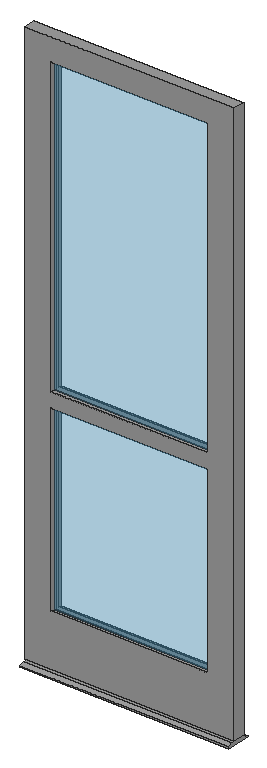
Revit family "RD-MS-DOOR-1-SF_v04", category Curtain Panels, Revit 2015
Parameters
  Width [instance] = 3' - 2"
  URL = "obe.com"
  Rough Width [instance] = 3' - 0"
  Offset [instance] = 0' - 1"
  Model = "RD-MS 1\" Infill"
  Min-Max Rough Width [instance] = if(and((Rough Width > 2' 11 255/256"), (Rough Width < 3' 6 1/256")), Rough Width, 3' 0")  # 3' - 0"
  Mid-Panel [instance] = no
  Manufacturer = "Oldcastle BuildingEnvelope®"
  Keynote = "08 11 00"
  Hinge [instance] = yes
  Height [instance] = 8' - 0"
  Pushbar Height [instance] = 3' - 5 1/4"  # constant formula
  Glass Material = Glass
  Frame Material = Aluminum
  Door Panel Height [instance] = Height + 0' 0 21/32"  # 8' - 0 21/32"
  Description = "Rugged Door-Medium Stile 1\" Infill"
  Assembly Code = "B2030"
  Analytic Construction = "<None>"
  8 Muntin [instance] = no
  4 Muntin [instance] = no
  8 Bottom Rail [instance] = yes
  10 Bottom Rail [instance] = no
  1 Muntin [instance] = if(or([4 Muntin], [8 Muntin], [Mid-Panel]), 1 = 2, 1 = 1)  # yes
Reference planes (in)
  plane 1 "Front": y = 0
  plane 2: z = 0
  plane 3 "Center (Left/Right)": x = 0
  plane 4 "Left": x = -19
  plane 5 "Right": x = 19
  plane 6 "Top": z = 96
  plane 7: x = 18
  plane 8: x = -18
Text (in)
  text "Exterior" at (-54.29358, 31.38743, 0), in view "Ref. Level"
  text "Exterior" at (480, 41.53993, 89.60405), in view "Right"
  text "Exterior" at (-240, 57.82419, 105.78864), in view "Left"
Dimensions and locks (in)
  equal spacing: plane 4 "Left", plane 3 "Center (Left/Right)", plane 5 "Right"
  "Width": plane 4 "Left" to plane 5 "Right"
  "Height": plane 6 "Top" to plane 2
  equal spacing: plane 8, plane 3 "Center (Left/Right)", plane 7
  "Min-Max Rough Width": plane 8 to plane 7
  aligned and locked: level to plane 2
  aligned and locked: plane 3 "Center (Left/Right)" to nested 1
  aligned and locked: plane 1 "Front" to nested 1
Nested families (in)
  nested 1: "RD-MS-DOOR-1-Panel_v03" at (0, -5, 0), Frame Material <- "Frame Material", Glass Material <- "Glass Material", 4 Muntin <- "4 Muntin", 8 Muntin <- "8 Muntin", Hinge <- "Hinge", 8 Bottom Rail <- "8 Bottom Rail", Height <- "Door Panel Height", Width <- "Min-Max Rough Width", Mid-Panel <- "Mid-Panel", Offset <- "Offset", type "RD-MS-DOOR-1-Panel_v03"
    with built-in parameter 1001301 3' - 0", Pushbar Height 3' - 5 1/4", Offset 0' - 1", Mid-Panel no, Hinge yes, built-in parameter 1001300 8' - 0 21/32", Glass at Muntin 0' - 1 9/16", Glass Material Glass, Frame Material Aluminum, Bottom Rail 0' - 8 29/32", 8 Muntin no, 8 Bottom Rail yes, 4 Muntin no, 10 Bottom Rail no, 1 Muntin yes
Definition of nested family "RD-MS-DOOR-1-Panel_v03"
  Parameters (values of type "RD-MS-DOOR-1-Panel_v03")
    Width [instance] = 3' - 1 1/2"
    Pushbar Height [instance] = 3' - 5 1/4"  # constant formula
    Offset [instance] = 0' - 5"
    Mid-Panel [instance] = no
    Hinge [instance] = yes
    Height [instance] = 8' - 0"
    Glass at Muntin [instance] = if([8 Muntin], 0' 8 9/16", if([4 Muntin], 0' 4 9/16", if([Mid-Panel], 0' 8 9/16", 0' 1 9/16")))  # 0' - 1 9/16"
    Glass Material [instance] = none
    Frame Material [instance] = none
    Bottom Rail [instance] = if([10 Bottom Rail], 0' 10 29/32", 0' 8 29/32")  # 0' - 8 29/32"
    Analytic Construction = "<None>"
    8 Muntin [instance] = no
    4 Muntin [instance] = no
    8 Bottom Rail [instance] = yes
    10 Bottom Rail [instance] = not([8 Bottom Rail])  # no
    1 Muntin [instance] = if(or([4 Muntin], [8 Muntin], [Mid-Panel]), 1 = 2, 1 = 1)  # yes
  Reference planes (in)
    plane 1 "00": y = -1.12241
    plane 2: z = 0
    plane 3 "Center (Left/Right)": x = 0
    plane 4: z = 96
    plane 5: x = 18.75
    plane 6: x = -18.75
    plane 7 "Center (Front/Back)": y = 5
    plane 8 "Exterior": y = -0.62241
    plane 9: z = 48
    plane 10: z = 92.96875
    plane 11: z = 92
    plane 12: z = 8.90625
    plane 13: z = 40.46875
    plane 14: z = 42.03125
    plane 15 "Offset": y = 0
    plane 16: z = 41.25
  Forms (in)
    Sweep 1, solid, material <- "Frame Material"
      path origin (0, -1.12241, 0) x (1, 0, 0) y (0, 0, 1)
        loop
          line (-18.25503, 96) -> (18.25494, 96)
      profile origin (-0.00004, -1.12241, 96) x (0, 0, 1) y (0, -1, 0)
        loop
          line (-0.65625, -1.008) -> (-0.65625, 1.008) -> (-2.74593, 1.008) -> (-4.40625, 1.008) -> (-4.40625, 0.5) -> (-4, 0.5) -> (-4, -0.5) -> (-4.40625, -0.5) -> (-4.40625, -1.008) -> (-2.74593, -1.008) -> (-0.65625, -1.008)
    Sweep 2, solid, material <- "Frame Material"
      path origin (0, -1.12241, 0) x (1, 0, 0) y (0, 0, 1)
        loop
          line (18.25494, 0) -> (-18.25503, 0)
      profile origin (-0.00004, -1.12241, 0) x (0, 0, -1) y (0, -1, 0)
        loop
          line (-9.4375, -0.5) -> (-9.4375, -1.008) -> (-0.6875, -1.008) -> (-0.6875, 1.008) -> (-9.4375, 1.008) -> (-9.4375, 0.5) -> (-8.90625, 0.5) -> (-8.90625, -0.5) -> (-9.4375, -0.5)
        loop
          line (-0.5, -1.288) -> (-0.19364, -1.945) -> (-0.00001, -1.945) -> (-0.00001, 2.055) -> (-0.19364, 2.055) -> (-0.5, 1.398) -> (-0.5, -1.288)
    Sweep 3, solid, material <- "Frame Material"
      path origin (0, -1.12241, 0) x (1, 0, 0) y (0, 0, 1)
        loop
          line (18.75, 95.34375) -> (18.75, 0.6875)
      profile origin (18.75, -1.12241, 48.01563) x (0, -1, 0) y (1, 0, 0)
        loop
          line (-1.008, -0.36949) -> (-1.008, -2.21393) -> (-1.008, -4.86924) -> (-0.5, -4.86924) -> (-0.5, -4.40024) -> (0.5, -4.40024) -> (0.5, -4.86924) -> (1.008, -4.86924) -> (1.008, -2.21393) -> (1.008, -0.49506) -> (-1.008, -0.36949)
    Sweep 4, solid, material <- "Frame Material"
      path origin (0, -1.12241, 0) x (1, 0, 0) y (0, 0, 1)
        loop
          line (-18.75, 95.34375) -> (-18.75, 0.6875)
      profile origin (-18.75, -1.12241, 48.01563) x (0, -1, 0) y (1, 0, 0)
        loop
          line (-1.008, 0.3694) -> (1.008, 0.49497) -> (1.008, 2.21468) -> (1.008, 4.86924) -> (0.5, 4.86924) -> (0.5, 4.40024) -> (-0.5, 4.40024) -> (-0.5, 4.86924) -> (-1.008, 4.86924) -> (-1.008, 2.21468) -> (-1.008, 0.3694)
    Sweep 5, solid, material <- "Frame Material"
      path origin (0, -1.12241, 0) x (1, 0, 0) y (0, 0, 1)
        loop
          line (18.25494, 48) -> (-18.25503, 48)
      profile origin (-0.00004, -1.12241, 48) x (0, 0, -1) y (0, -1, 0)
        loop
          line (7.93775, 1.008) -> (5.43775, 1.008) -> (5.43775, 0.5) -> (5.96875, 0.5) -> (5.96875, -0.5) -> (5.43775, -0.5) -> (5.43775, -1.008) -> (7.93775, -1.008) -> (7.93775, -0.5) -> (7.53125, -0.5) -> (7.53125, 0.5) -> (7.93775, 0.5) -> (7.93775, 1.008)
    Extrusion 6, solid, material <- "Glass Material", detail levels coarse
      sketch origin (0, 0, 0) x (1, 0, 0) y (0, 1, 0)
        loop
          line (-14.34976, -0.62241) -> (-14.34976, -1.62241) -> (14.34976, -1.62241) -> (14.34976, -0.62241) -> (-14.34976, -0.62241)
      from 42.03125 to 92
    Extrusion 7, solid, material <- "Glass Material", detail levels medium+fine
      sketch origin (0, 0, 0) x (1, 0, 0) y (0, 1, 0)
        loop
          line (-14.34976, -1.62241) -> (14.34976, -1.62241) -> (14.34976, -1.37441) -> (-14.34976, -1.37441) -> (-14.34976, -1.62241)
        loop
          line (14.34976, -0.62241) -> (-14.34976, -0.62241) -> (-14.34976, -0.87041) -> (14.34976, -0.87041) -> (14.34976, -0.62241)
      from 42.03125 to 92
    Extrusion 8, solid, material <- "Glass Material", detail levels coarse
      sketch origin (0, 0, 0) x (1, 0, 0) y (0, 1, 0)
        loop
          line (-14.34976, -0.62241) -> (-14.34976, -1.62241) -> (14.34976, -1.62241) -> (14.34976, -0.62241) -> (-14.34976, -0.62241)
      from 8.90625 to 40.46875
    Extrusion 9, solid, material <- "Glass Material", detail levels medium+fine
      sketch origin (0, 0, 0) x (1, 0, 0) y (0, 1, 0)
        loop
          line (-14.34976, -0.62241) -> (-14.34976, -0.87041) -> (14.34976, -0.87041) -> (14.34976, -0.62241) -> (-14.34976, -0.62241)
        loop
          line (-14.34976, -1.37441) -> (-14.34976, -1.62241) -> (14.34976, -1.62241) -> (14.34976, -1.37441) -> (-14.34976, -1.37441)
      from 8.90625 to 40.46875
  Cuts and joins
    joined: Sweep 1, Sweep 2, Sweep 3, Sweep 4, Sweep 5
  Lines and regions (in)
    model lines
      curve 1: line (14.43825, -0.62241, 92) -> (-14.34976, -0.62241, 48)
      curve 2: line (-14.34976, -0.62241, 48) -> (13.88076, -0.62241, 9.1875)
  Dimensions and locks (in)
    "Width": plane 6 to plane 5
    "Offset": plane 15 "Offset" to plane 7 "Center (Front/Back)"
    plane 1 "00" to plane 8 "Exterior" to plane 15 "Offset" = 0' - 0 1/2" locked, 0' - 0.62241" locked
    equal spacing: level, plane 9, plane 4
    locked: Sweep 2 sketch curve to plane 6 at 0.49497
    locked: plane 5 to Sweep 2 sketch curve at 0.49506
    locked: Sweep 3 sketch curve to plane 4 at 0.65625
    locked: Sweep 4 sketch curve to plane 4 at 0.65625
    locked: Sweep 1 sketch curve to plane 6 at 0.49497
    locked: plane 5 to Sweep 1 sketch curve at 0.49506
    locked: plane 5 to Sweep 5 sketch curve at 0.49506
    locked: Sweep 5 sketch curve to plane 6 at 0.49497
    locked: plane 4 to plane 10 at 3.03125
    Extrusion 6 sketch curve to plane 1 "00" to Extrusion 6 sketch curve = 0' - 0 1/2" locked, 0' - 0 1/2" locked
    Extrusion 8 sketch curve to plane 1 "00" to Extrusion 8 sketch curve = 0' - 0 1/2" locked, 0' - 0 1/2" locked
    Extrusion 9 sketch curve to Extrusion 9 sketch curve to plane 1 "00" to Extrusion 9 sketch curve to Extrusion 9 sketch curve = 0' - 0.248" locked, 0' - 0.252" locked, 0' - 0.252" locked, 0' - 0.248" locked
    "Glass at Muntin": plane 13 to plane 14
    locked: plane 11 to plane 4 at 4
    "Bottom Rail": plane 12 to plane 2
    "Height": plane 4 to plane 2
    locked: Sweep 1 sketch curve to plane 11 at 0.40625  (x2)
    locked: plane 14 to Sweep 5 sketch curve at 0.531  (x2)
    locked: Sweep 5 sketch curve to plane 13 at 0.4065  (x2)
    locked: plane 12 to Sweep 2 sketch curve at 0.53125  (x2)
    equal spacing: plane 6, plane 3 "Center (Left/Right)", plane 5
    locked: plane 6 to Extrusion 8 sketch curve at 4.40024
    locked: Extrusion 8 sketch curve to plane 5 at 4.40024
    locked: Extrusion 9 sketch curve to plane 5 at 4.40024  (x2)
    locked: plane 6 to Extrusion 9 sketch curve at 4.40024  (x2)
    plane 6 to Extrusion 6 sketch curve = 0' - 4.40024"
    locked: Extrusion 6 sketch curve to plane 5 at 4.40024
    locked: plane 6 to Extrusion 7 sketch curve at 4.40024  (x2)
    locked: Extrusion 7 sketch curve to plane 5 at 4.40024  (x2)
    equal spacing: plane 13, plane 16, plane 14
    "Pushbar Height": plane 2 to plane 16
    locked: plane 2 to Sweep 3 sketch curve at 0.6875
    locked: plane 2 to Sweep 4 sketch curve at 0.6875
    Extrusion 7 sketch curve to Extrusion 7 sketch curve to Extrusion 7 sketch curve to Extrusion 7 sketch curve to plane 15 "Offset" = 0' - 0.248" locked, 0' - 0.504" locked, 0' - 0.248" locked, 0' - 0.62241" locked
    aligned and locked: plane 2 to level
    aligned and locked: Sweep 1 sketch curve to plane 4
    aligned and locked: Sweep 2 sketch curve to level
    aligned and locked: plane 5 to Sweep 3 sketch curve
    aligned and locked: plane 6 to Sweep 4 sketch curve
    aligned and locked: Sweep 5 sketch curve to plane 9
    aligned and locked: Extrusion 7 to plane 11
    aligned and locked: Extrusion 6 to plane 11
    aligned and locked: plane 14 to Extrusion 7
    aligned and locked: plane 14 to Extrusion 6
    aligned and locked: Extrusion 8 to plane 13
    aligned and locked: Extrusion 9 to plane 13
    aligned and locked: plane 12 to Extrusion 9
    aligned and locked: plane 12 to Extrusion 8
    aligned and locked: cut or joined group of Sweep 1, Sweep 2, Sweep 3, Sweep 4, Sweep 5 to curve 2
    aligned and locked: cut or joined group of Sweep 1, Sweep 2, Sweep 3, Sweep 4, Sweep 5 to curve 1
    aligned and locked: plane 9 to curve 1
    aligned and locked: Sweep 5 sketch curve to plane 13
    aligned and locked: plane 14 to Sweep 5 sketch curve
  Automatic sketch dimensions
    curve 2 to plane 12 = 0' - 0 9/32"
    curve 1 to plane 11 = 0' - 0"
    curve 1 to plane 5 = 0' - 4.31175"
    Sweep 1 sketch curve to Sweep 1 sketch curve = 0' - 0 13/32"
    Sweep 1 sketch curve to Sweep 1 sketch curve = 0' - 1.25407"  (x2)
    profile plane to Sweep 1 sketch curve = 0' - 0 21/32"
    Sweep 1 sketch curve to plane 1 "00" = 0' - 1.008"
    Sweep 1 sketch curve to plane 1 "00" = 0' - 0 1/2"
    plane 1 "00" to Sweep 1 sketch curve = 0' - 0 1/2"
    Sweep 1 sketch curve to Sweep 1 sketch curve = 0' - 0.508"
    Sweep 5 sketch curve to plane 1 "00" = 0' - 1.008"
    Sweep 5 sketch curve to plane 1 "00" = 0' - 0 1/2"  (x2)
    plane 1 "00" to Sweep 5 sketch curve = 0' - 0 1/2"  (x2)
    Sweep 5 sketch curve to Sweep 5 sketch curve = 0' - 0.508"
    Sweep 2 sketch curve to Sweep 2 sketch curve = 0' - 0 17/32"
    profile plane to Sweep 2 sketch curve = 0' - 0 1/2"
    profile plane to Sweep 2 sketch curve = 0' - 0.19364"  (x2)
    profile plane to Sweep 2 sketch curve = 0' - 0"
    Sweep 2 sketch curve to plane 1 "00" = 0' - 1.945"
    Sweep 2 sketch curve to plane 1 "00" = 0' - 0 1/2"
    plane 1 "00" to Sweep 2 sketch curve = 0' - 0 1/2"
    Sweep 2 sketch curve to Sweep 2 sketch curve = 0' - 0.508"  (x2)
    Sweep 2 sketch curve to Sweep 2 sketch curve = 0' - 0.39"
    Sweep 2 sketch curve to Sweep 2 sketch curve = 0' - 0.657"
    Sweep 4 sketch curve to plane 1 "00" = 0' - 1.008"
    Sweep 4 sketch curve to plane 1 "00" = 0' - 0 1/2"
    plane 1 "00" to Sweep 4 sketch curve = 0' - 0 1/2"
    plane 1 "00" to Sweep 4 sketch curve = 0' - 1.008"
    Sweep 4 sketch curve to profile plane = 0' - 0.3694"
    Sweep 4 sketch curve to profile plane = 0' - 0.49497"
    Sweep 4 sketch curve to Sweep 4 sketch curve = 0' - 1.84528"
    Sweep 4 sketch curve to Sweep 4 sketch curve = 0' - 1.71971"
    Sweep 4 sketch curve to Sweep 4 sketch curve = 0' - 2.18556"
    Sweep 4 sketch curve to Sweep 4 sketch curve = 0' - 0.469"  (x2)
    profile plane to Sweep 3 sketch curve = 0' - 0.36949"
    Sweep 3 sketch curve to plane 1 "00" = 0' - 1.008"
    Sweep 3 sketch curve to plane 1 "00" = 0' - 0 1/2"
    plane 1 "00" to Sweep 3 sketch curve = 0' - 0 1/2"
    profile plane to Sweep 3 sketch curve = 0' - 0.49506"
    plane 1 "00" to Sweep 3 sketch curve = 0' - 1.008"
    Sweep 3 sketch curve to Sweep 3 sketch curve = 0' - 1.71887"
    Sweep 3 sketch curve to Sweep 3 sketch curve = 0' - 1.84444"
    Sweep 3 sketch curve to Sweep 3 sketch curve = 0' - 2.18631"
    Sweep 3 sketch curve to Sweep 3 sketch curve = 0' - 0.469"  (x2)
    Sweep 2 sketch curve to Sweep 2 sketch curve = 0' - 0 3/16"
    Sweep 2 sketch curve to Sweep 2 sketch curve = 0' - 0.28"
